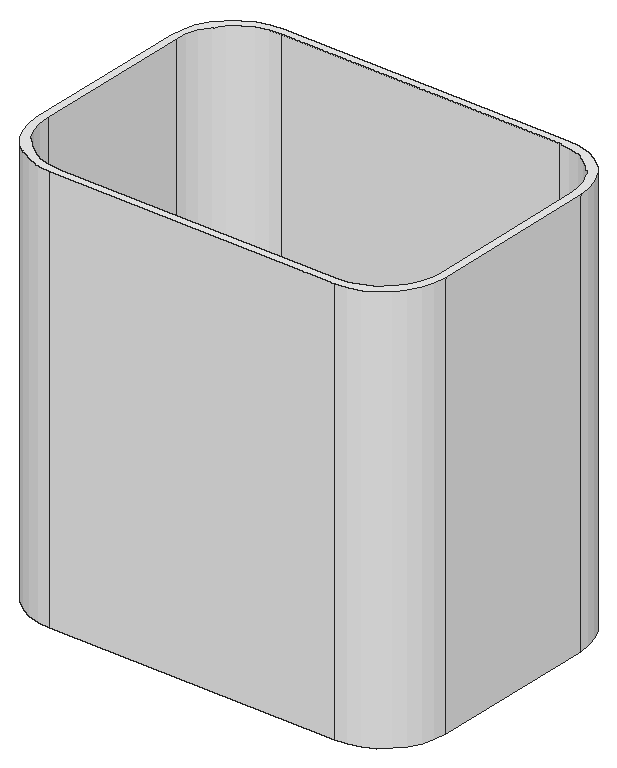
Revit family
Parameters
  Material Bin = Metal - Chrome
  Keynote = "N"
  Assembly Code = ""
Reference planes
  plane 1 "Center F/B": y = 43.962
  plane 2: z = 0
  plane 3 "Center L/R": x = 54.495
  plane 4: y = 170.962
  plane 5: y = -83.038
  plane 6: x = 232.295
  plane 7: x = -123.305
  plane 8: x = 225.945
  plane 9: y = -76.688
Forms (mm)
  Extrusion 1, solid, material "Metal - Chrome" <- "Material Bin"
    sketch origin (0, 0, 0) x (1, 0, 0) y (0, 1, 0)
      loop
        arc (-69.33, 170.962) -> (-107.496, 155.153) -> (-123.305, 116.987) r 53.975
        line (-123.305, 116.987) -> (-123.305, -29.063)
        arc (-123.305, -29.063) -> (-107.496, -67.23) -> (-69.33, -83.038) r 53.975
        line (-69.33, -83.038) -> (178.32, -83.038)
        arc (178.32, -83.038) -> (216.486, -67.23) -> (232.295, -29.063) r 53.975
        line (232.295, -29.063) -> (232.295, 116.987)
        arc (232.295, 116.987) -> (216.486, 155.153) -> (178.32, 170.962) r 53.975
        line (178.32, 170.962) -> (-69.33, 170.962)
    from 0 to 355.6
  Extrusion 2, void
    sketch origin (0, 0, 0) x (1, 0, 0) y (0, 1, 0)
      loop
        arc (-66.155, 164.612) -> (-102.076, 149.733) -> (-116.955, 113.812) r 50.8
        line (-116.955, 113.812) -> (-116.955, -25.888)
        arc (-116.955, -25.888) -> (-102.076, -61.809) -> (-66.155, -76.688) r 50.8
        line (-66.155, -76.688) -> (175.145, -76.688)
        arc (175.145, -76.688) -> (211.066, -61.809) -> (225.945, -25.888) r 50.8
        line (225.945, -25.888) -> (225.945, 113.812)
        arc (225.945, 113.812) -> (211.066, 149.733) -> (175.145, 164.612) r 50.8
        line (175.145, 164.612) -> (-66.155, 164.612)
    from 12.7 to 355.6
Cuts and joins
  Extrusion 2 cuts Extrusion 1
Lines and regions (mm)
  Masking region 1
    outline origin (0, 0, 0) x (1, 0, 0) y (0, 1, 0)
      loop
        arc (-69.33, 170.962) -> (-107.496, 155.153) -> (-123.305, 116.987) r 53.975
        line (-123.305, 116.987) -> (-123.305, -29.063)
        arc (-123.305, -29.063) -> (-107.496, -67.23) -> (-69.33, -83.038) r 53.975
        line (-69.33, -83.038) -> (178.32, -83.038)
        arc (178.32, -83.038) -> (216.486, -67.23) -> (232.295, -29.063) r 53.975
        line (232.295, -29.063) -> (232.295, 116.987)
        arc (232.295, 116.987) -> (216.486, 155.153) -> (178.32, 170.962) r 53.975
        line (178.32, 170.962) -> (-69.33, 170.962)
  symbolic lines
    curve 1: arc (-69.33, 170.962, 0) -> (-107.496, 155.153, 0) -> (-123.305, 116.987, 0) r 53.975
    curve 2: line (-123.305, 116.987, 0) -> (-123.305, -29.063, 0)
    curve 3: arc (-123.305, -29.063, 0) -> (-107.496, -67.23, 0) -> (-69.33, -83.038, 0) r 53.975
    curve 4: line (-69.33, -83.038, 0) -> (178.32, -83.038, 0)
    curve 5: arc (178.32, -83.038, 0) -> (216.486, -67.23, 0) -> (232.295, -29.063, 0) r 53.975
    curve 6: line (232.295, -29.063, 0) -> (232.295, 116.987, 0)
    curve 7: arc (232.295, 116.987, 0) -> (216.486, 155.153, 0) -> (178.32, 170.962, 0) r 53.975
    curve 8: line (178.32, 170.962, 0) -> (-69.33, 170.962, 0)
  symbolic lines, detail levels fine
    curve 9: arc (-116.955, 113.812, 0) -> (-102.076, 149.733, 0) -> (-66.155, 164.612, 0) r 50.8
    curve 10: line (-66.155, 164.612, 0) -> (175.145, 164.612, 0)
    curve 11: arc (175.145, 164.612, 0) -> (211.066, 149.733, 0) -> (225.945, 113.812, 0) r 50.8
    curve 12: line (225.945, 113.812, 0) -> (225.945, -25.888, 0)
    curve 13: arc (225.945, -25.888, 0) -> (211.066, -61.809, 0) -> (175.145, -76.688, 0) r 50.8
    curve 14: line (175.145, -76.688, 0) -> (-66.155, -76.688, 0)
    curve 15: arc (-66.155, -76.688, 0) -> (-102.076, -61.809, 0) -> (-116.955, -25.888, 0) r 50.8
    curve 16: line (-116.955, -25.888, 0) -> (-116.955, 113.812, 0)
Dimensions and locks
  aligned and locked: curve 1 to cut or joined group of Extrusion 1, Extrusion 2
  aligned and locked: curve 2 to cut or joined group of Extrusion 1, Extrusion 2
  aligned and locked: curve 3 to cut or joined group of Extrusion 1, Extrusion 2
  aligned and locked: curve 4 to cut or joined group of Extrusion 1, Extrusion 2
  aligned and locked: curve 5 to cut or joined group of Extrusion 1, Extrusion 2
  aligned and locked: curve 6 to cut or joined group of Extrusion 1, Extrusion 2
  aligned and locked: curve 7 to cut or joined group of Extrusion 1, Extrusion 2
  aligned and locked: curve 8 to cut or joined group of Extrusion 1, Extrusion 2
  aligned and locked: curve 9 to cut or joined group of Extrusion 1, Extrusion 2
  aligned and locked: curve 10 to cut or joined group of Extrusion 1, Extrusion 2
  aligned and locked: curve 11 to cut or joined group of Extrusion 1, Extrusion 2
  aligned and locked: curve 12 to cut or joined group of Extrusion 1, Extrusion 2
  aligned and locked: curve 13 to cut or joined group of Extrusion 1, Extrusion 2
  aligned and locked: curve 14 to cut or joined group of Extrusion 1, Extrusion 2
  aligned and locked: curve 15 to cut or joined group of Extrusion 1, Extrusion 2
  aligned and locked: curve 16 to cut or joined group of Extrusion 1, Extrusion 2
  aligned and locked: Masking region 1 sketch curve to curve 1
  aligned and locked: Masking region 1 sketch curve to curve 2
  aligned and locked: Masking region 1 sketch curve to curve 3
  aligned and locked: Masking region 1 sketch curve to curve 4
  aligned and locked: Masking region 1 sketch curve to curve 5
  aligned and locked: Masking region 1 sketch curve to curve 6
  aligned and locked: Masking region 1 sketch curve to curve 7
  aligned and locked: Masking region 1 sketch curve to curve 8
